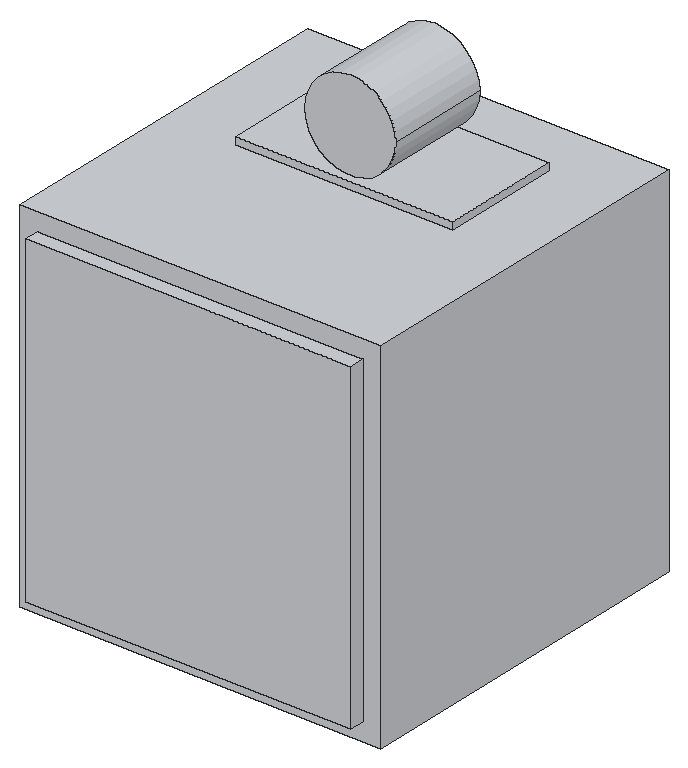
Revit family "M_Ventilador centrífugo - Em linha - Correia", category Equipamento mecânico, Revit 2019
Family settings
  Cota do conector redondo = Utilizar diâmetro
  Tipo de parte = Normal
  Com base no plano de trabalho = Não
  Sempre na vertical = Sim
  Corte com vazios quando carregada = Não
  Compartilhado = Não
  Ponto de cálculo do ambiente = Não
Parameters (values of type "2115 LPS")
  Voltagem = 460 V
  Raio do motor do símbolo = Largura do ventilador * 0.3  # 182.88 mm
  Comprimento do símbolo 1 = Raio do motor do símbolo * 0.2  # 36.576 mm
  Largura do suporte = Largura do ventilador * 0.6  # 365.76 mm
  Comprimento do suporte = Comprimento do ventilador / 3  # 203.2 mm
  Raio do motor de símbolo pequeno = Raio do motor do símbolo - 76.2 mm  # 106.68 mm
  Número de pólos = 3
  Classificação de carga = Refrigeração
  Assembly Code = ""
  Carga aparente [instance] = 627 VA
  Queda de pressão do ar [instance] = 149.3 Pa
  Altura do motor = Altura do ventilador + Raio do motor + 12.7 mm  # 698.5 mm
  Altura 1 = 469.9 mm
  Largura de meio suporte = Largura do suporte / 2  # 182.88 mm
  Comprimento de meio suporte = Comprimento do suporte / 2  # 101.6 mm
  Largura do meio ventilador = Largura do ventilador / 2  # 304.8 mm
  Comprimento do meio ventilador = Comprimento do ventilador / 2  # 304.8 mm
  Altura do meio ventilador = Altura do ventilador / 2  # 304.8 mm
  Raio do motor = Diâmetro do motor / 2  # 76.2 mm
  Largura do meio duto 2 = Largura do duto 2 / 2  # 275 mm
  Largura do meio duto 1 = Largura do duto 1 / 2  # 275 mm
  Altura do meio duto 2 = Altura do duto 2 / 2  # 275 mm
  Altura do meio duto 1 = Altura do duto 1 / 2  # 275 mm
  Largura do ventilador = 609.6 mm
  Material do ventilador = none
  Comprimento do ventilador = 609.6 mm
  Altura do ventilador = Largura do ventilador  # 609.6 mm
  Diâmetro do motor = Altura 1 - Altura do ventilador / 2 - 12.7 mm  # 152.4 mm
  Largura do duto 2 = 550 mm
  Largura do duto 1 = 550 mm
  Altura do duto 2 = Largura do duto 2  # 550 mm
  Altura do duto 1 = Largura do duto 1  # 550 mm
  Fluxo de ar [instance] = 2123.76 L/s
Types (6, lengths in mm): name | Raio do motor do símbolo | Comprimento do símbolo 1 | Largura do suporte | Comprimento do suporte | Raio do motor de símbolo pequeno | Carga aparente | Queda de pressão do ar | Altura do motor | Altura 1 | Largura de meio suporte | Comprimento de meio suporte | Largura do meio ventilador | Comprimento do meio ventilador | Altura do meio ventilador | Raio do motor | Largura do meio duto 2 | Largura do meio duto 1 | Altura do meio duto 2 | Altura do meio duto 1 | Largura do ventilador | Comprimento do ventilador | Altura do ventilador | Diâmetro do motor | Largura do duto 2 | Largura do duto 1 | Altura do duto 2 | Altura do duto 1 | Fluxo de ar
  705 LPS | 106.68 | 21.336 | 213.36 | 169.333 | 30.48 | 470 VA | 124.42 Pa | 419.1 | 292.1 | 106.68 | 84.667 | 177.8 | 254 | 177.8 | 50.8 | 150 | 150 | 150 | 150 | 355.6 | 508 | 355.6 | 101.6 | 300 | 300 | 300 | 300 | 707.92 L/s
  2115 LPS | 182.88 | 36.576 | 365.76 | 203.2 | 106.68 | 627 VA | 149.3 Pa | 698.5 | 469.9 | 182.88 | 101.6 | 304.8 | 304.8 | 304.8 | 76.2 | 275 | 275 | 275 | 275 | 609.6 | 609.6 | 609.6 | 152.4 | 550 | 550 | 550 | 550 | 2123.76 L/s
  3055 LPS | 228.6 | 45.72 | 457.2 | 270.933 | 152.4 | 940 VA | 199.07 Pa | 889 | 622.3 | 228.6 | 135.467 | 381 | 406.4 | 381 | 114.3 | 350 | 350 | 350 | 350 | 762 | 812.8 | 762 | 228.6 | 700 | 700 | 700 | 700 | 3067.66 L/s
  4465 LPS | 274.32 | 54.864 | 548.64 | 321.733 | 198.12 | 1254 VA | 248.84 Pa | 1079.5 | 774.7 | 274.32 | 160.867 | 457.2 | 482.6 | 457.2 | 152.4 | 425 | 425 | 425 | 425 | 914.4 | 965.2 | 914.4 | 304.8 | 850 | 850 | 850 | 850 | 4483.5 L/s
  7990 LPS | 365.76 | 73.152 | 731.52 | 355.6 | 289.56 | 3134 VA | 435.47 Pa | 1409.7 | 977.9 | 365.76 | 177.8 | 609.6 | 533.4 | 609.6 | 177.8 | 575 | 575 | 575 | 575 | 1219.2 | 1066.8 | 1219.2 | 355.6 | 1150 | 1150 | 1150 | 1150 | 8023.11 L/s
  8930 LPS | 426.72 | 85.344 | 853.44 | 406.4 | 350.52 | 4701 VA | 559.89 Pa | 1638.3 | 1130.3 | 426.72 | 203.2 | 711.2 | 609.6 | 711.2 | 203.2 | 625 | 625 | 625 | 625 | 1422.4 | 1219.2 | 1422.4 | 406.4 | 1250 | 1250 | 1250 | 1250 | 8967.0 L/s
Reference planes
  plane 1 "Centro (Frente/Trás)": y = 0
  plane 2: z = 0
  plane 3 "Centro (Esquerda/Direita)": x = 0
  plane 4: y = -609.6
  plane 5: y = 25.4
  plane 6: y = -635
  plane 7: y = -101.6
  plane 8: y = -304.8
  plane 9: y = -114.3
  plane 10: y = -292.1
  plane 11: x = 275
  plane 12: x = -275
  plane 13: x = -304.8
  plane 14: x = 304.8
  plane 15: x = -76.2
  plane 16: x = 76.2
  plane 17: x = 182.88
  plane 18: x = -182.88
  plane 19: z = 609.6
  plane 20: z = 304.8
  plane 21: z = 579.8
  plane 22: z = 29.8
  plane 23: z = 622.3
  plane 24: z = 774.7
  plane 25: y = -203.2
  plane 26: x = 182.88
  plane 27: y = -487.68
  plane 28: y = -524.256
  plane 29: y = -304.8
  plane 30: z = 698.5
  plane 31: x = -177.8
  plane 32: z = 579.8
  plane 33: z = 29.8
  plane 34: x = 275
  plane 35: x = -275
Forms (mm)
  Extrusion 1, solid, material <- "Material do ventilador"
    sketch origin (0, 0, 0) x (1, 0, 0) y (0, 1, 0)
      loop
        line (-304.8, 0) -> (-304.8, -609.6) -> (304.8, -609.6) -> (304.8, 0) -> (-304.8, 0)
    from 0 to 609.6
  Extrusion 2, solid, material <- "Material do ventilador"
    sketch origin (0, 0, 0) x (1, 0, 0) y (0, 1, 0)
      loop
        line (-182.88, -101.6) -> (-182.88, -304.8) -> (182.88, -304.8) -> (182.88, -101.6) -> (-182.88, -101.6)
    from 609.6 to 622.3
  Extrusion 3, solid, material <- "Material do ventilador"
    sketch origin (0, 0, 0) x (1, 0, 0) y (0, 0, 1)
      loop
        circle (0, 698.5) r 76.2
    from 114.3 to 292.1
  Extrusion 4, solid, material <- "Material do ventilador"
    sketch origin (0, 0, 0) x (1, 0, 0) y (0, 1, 0)
      loop
        line (-275, 25.4) -> (-275, 0) -> (275, 0) -> (275, 25.4) -> (-275, 25.4)
    from 29.8 to 579.8
  Extrusion 5, solid, material <- "Material do ventilador"
    sketch origin (0, 0, 0) x (1, 0, 0) y (0, 1, 0)
      loop
        line (-275, -609.6) -> (-275, -635) -> (275, -635) -> (275, -609.6) -> (-275, -609.6)
    from 29.8 to 579.8
Lines and regions (mm)
  symbolic lines, detail levels coarse+medium
    curve 1: arc (182.88, -304.8, 0) -> (-129.316, -175.484, 0) -> (0, -487.68, 0) r 182.88
    curve 2: line (0, -487.68, 0) -> (0, -524.256, 0)
    curve 3: circle (0, -304.8, 0) r 106.68 normal (0, 0, 1)
    curve 4: line (0, -524.256, 0) -> (182.88, -524.256, 0)
    curve 5: line (182.88, -524.256, 0) -> (182.88, -304.8, 0)
  symbolic lines, detail levels fine
    curve 6: line (-275, 25.4, 0) -> (-275, 0, 0)
    curve 7: line (275, 0, 0) -> (275, 25.4, 0)
    curve 8: line (275, -635, 0) -> (275, -609.6, 0)
    curve 9: line (-275, -609.6, 0) -> (-275, -635, 0)
    curve 10: line (-182.88, -101.6, 0) -> (182.88, -101.6, 0)
    curve 11: line (-182.88, -304.8, 0) -> (-182.88, -101.6, 0)
    curve 12: line (182.88, -304.8, 0) -> (-182.88, -304.8, 0)
    curve 13: line (182.88, -101.6, 0) -> (182.88, -304.8, 0)
    curve 14: line (-76.2, -114.3, 0) -> (76.2, -114.3, 0)
    curve 15: line (-76.2, -292.1, 0) -> (-76.2, -114.3, 0)
    curve 16: line (76.2, -292.1, 0) -> (-76.2, -292.1, 0)
    curve 17: line (76.2, -114.3, 0) -> (76.2, -292.1, 0)
Dimensions and locks
  "Comprimento do ventilador": plane 4 to plane 1 "Centro (Frente/Trás)"
  locked: plane 1 "Centro (Frente/Trás)" to plane 5 at 25.4
  locked: plane 4 to plane 6 at 25.4
  locked: plane 7 to plane 1 "Centro (Frente/Trás)" at 101.6
  "Comprimento do suporte": plane 8 to plane 7
  locked: plane 9 to plane 7 at 12.7
  locked: plane 8 to plane 10 at 12.7
  "Largura do meio duto 1": plane 12 to plane 3 "Centro (Esquerda/Direita)"
  "Largura do duto 1": plane 12 to plane 11
  "Largura do meio duto 1": plane 3 "Centro (Esquerda/Direita)" to plane 11
  "Largura do ventilador": plane 13 to plane 14
  "Largura do meio ventilador": plane 13 to plane 3 "Centro (Esquerda/Direita)"
  "Largura do meio ventilador": plane 3 "Centro (Esquerda/Direita)" to plane 14
  "Diâmetro do motor": plane 15 to plane 16
  "Raio do motor": plane 15 to plane 3 "Centro (Esquerda/Direita)"
  "Raio do motor": plane 3 "Centro (Esquerda/Direita)" to plane 16
  "Largura do suporte": plane 18 to plane 17
  "Largura de meio suporte": plane 18 to plane 3 "Centro (Esquerda/Direita)"
  "Largura de meio suporte": plane 3 "Centro (Esquerda/Direita)" to plane 17
  "Altura do ventilador": plane 19 to plane 2
  "Altura do duto 1": plane 21 to plane 22
  "Largura do meio ventilador": plane 20 to plane 2
  "Altura do meio duto 1": plane 22 to plane 20
  locked: plane 23 to plane 19 at 12.7
  "Altura 1": plane 24 to plane 20
  "Comprimento de meio suporte": plane 8 to plane 25
  "Raio do motor do símbolo": plane 3 "Centro (Esquerda/Direita)" to plane 26
  "Comprimento do símbolo 1": plane 27 to plane 28
  "Comprimento do meio ventilador": plane 29 to plane 1 "Centro (Frente/Trás)"
  "Raio do motor do símbolo": plane 27 to plane 29
  "Altura do motor": plane 30 to level
  "Altura do duto 2": plane 32 to plane 33
  "Largura do duto 2": plane 35 to plane 34
  "Largura do meio duto 2": plane 35 to plane 3 "Centro (Esquerda/Direita)"
  "Altura do meio duto 2": plane 32 to plane 20
  "Raio do motor do símbolo": radius of curve 1
  "Raio do motor de símbolo pequeno": radius of curve 3
  "Raio do motor": radius of Extrusion 3 sketch curve
  aligned and locked: Extrusion 1 to plane 1 "Centro (Frente/Trás)"
  aligned and locked: plane 14 to Extrusion 1
  aligned and locked: plane 4 to Extrusion 1
  aligned and locked: Extrusion 1 to plane 13
  aligned and locked: Extrusion 2 to plane 7
  aligned and locked: plane 17 to Extrusion 2
  aligned and locked: plane 8 to Extrusion 2
  aligned and locked: plane 18 to Extrusion 2
  aligned and locked: plane 19 to Extrusion 1
  aligned and locked: Extrusion 1 to plane 2
  aligned and locked: plane 1 "Centro (Frente/Trás)" to Extrusion 1
  aligned and locked: Extrusion 1 to plane 4
  aligned and locked: plane 19 to Extrusion 2
  aligned and locked: plane 23 to Extrusion 2
  aligned and locked: plane 29 to curve 1
  aligned and locked: plane 3 "Centro (Esquerda/Direita)" to curve 1
  aligned and locked: plane 29 to curve 3
  aligned and locked: plane 3 "Centro (Esquerda/Direita)" to curve 3
  aligned and locked: plane 26 to curve 5
  aligned and locked: plane 28 to curve 4
  aligned and locked: curve 2 to plane 3 "Centro (Esquerda/Direita)"
  aligned and locked: plane 29 to curve 5
  aligned and locked: plane 30 to Extrusion 3 sketch curve
  aligned and locked: plane 3 "Centro (Esquerda/Direita)" to Extrusion 3 sketch curve
  aligned and locked: Extrusion 3 to plane 9
  aligned and locked: plane 10 to Extrusion 3
  aligned and locked: Extrusion 4 to plane 5
  aligned and locked: plane 11 to Extrusion 4
  aligned and locked: plane 12 to Extrusion 4
  aligned and locked: plane 1 "Centro (Frente/Trás)" to Extrusion 4
  aligned and locked: plane 34 to Extrusion 5
  aligned and locked: Extrusion 5 to plane 6
  aligned and locked: plane 35 to Extrusion 5
  aligned and locked: plane 4 to Extrusion 5
  aligned and locked: plane 21 to Extrusion 4
  aligned and locked: plane 22 to Extrusion 4
  aligned and locked: plane 32 to Extrusion 5
  aligned and locked: Extrusion 5 to plane 33
  aligned and locked: curve 6 to Extrusion 4
  aligned and locked: curve 7 to Extrusion 4
  aligned and locked: curve 8 to Extrusion 5
  aligned and locked: curve 9 to Extrusion 5
  aligned and locked: curve 11 to plane 18
  aligned and locked: plane 7 to curve 10
  aligned and locked: curve 13 to plane 26
  aligned and locked: plane 15 to curve 15
  aligned and locked: plane 9 to curve 14
  aligned and locked: curve 17 to plane 16
  aligned and locked: curve 16 to plane 10
Automatic sketch dimensions
  Extrusion 1 sketch curve to plane 4 = 0 mm
  Extrusion 1 sketch curve to plane 13 = 0 mm
  Extrusion 1 sketch curve to plane 14 = 0 mm
  Extrusion 1 sketch curve to plane 1 "Centro (Frente/Trás)" = 0 mm
  Extrusion 2 sketch curve to plane 8 = 0 mm
  Extrusion 2 sketch curve to plane 18 = 0 mm
  Extrusion 2 sketch curve to plane 17 = 0 mm
  Extrusion 2 sketch curve to plane 7 = 0 mm
  Extrusion 4 sketch curve to plane 1 "Centro (Frente/Trás)" = 0 mm
  Extrusion 4 sketch curve to plane 12 = 0 mm
  Extrusion 4 sketch curve to plane 11 = 0 mm
  Extrusion 4 sketch curve to plane 5 = 0 mm
  Extrusion 5 sketch curve to plane 6 = 0 mm
  Extrusion 5 sketch curve to plane 35 = 0 mm
  Extrusion 5 sketch curve to plane 34 = 0 mm
  Extrusion 5 sketch curve to plane 4 = 0 mm
  curve 9 to plane 6 = 0 mm
  curve 8 to plane 6 = 0 mm
  curve 8 to plane 4 = 0 mm
  curve 9 to plane 4 = 0 mm
  plane 1 "Centro (Frente/Trás)" to curve 6 = 0 mm
  plane 1 "Centro (Frente/Trás)" to curve 7 = 0 mm
  plane 5 to curve 7 = 0 mm
  plane 5 to curve 6 = 0 mm
Connectors
  hvac at (0, 25.4, 304.8), driven by "Altura do duto 1", driven by "Largura do duto 1", driven by "Fluxo de ar"
    settings: on Extrusion 4, index 1, duct flow 2123.76 L/s, flow factor 0, pres drop 0.0 Pa, loss coef 0, conn angle 0.00°, conn width 550 mm, conn height 550 mm, conn diameter 609.6 mm, duct sys type 29, conn prof type 1, flow config 0, flow direction 2, loss method 0, conn ref index 2, conn util no, is conn primary yes, conn desc ""
  hvac at (0, -635, 304.8), driven by "Queda de pressão do ar", driven by "Altura do duto 2", driven by "Largura do duto 2", driven by "Fluxo de ar"
    settings: on Extrusion 5, index 2, duct flow 2123.76 L/s, flow factor 0, pres drop 149.3 Pa, loss coef 0, conn angle 0.00°, conn width 550 mm, conn height 550 mm, conn diameter 609.6 mm, duct sys type 29, conn prof type 1, flow config 0, flow direction 1, loss method 0, conn ref index 1, conn util no, is conn primary no, conn desc ""
  electrical at (0, -114.3, 698.5), driven by "Número de pólos", driven by "Voltagem", driven by "Carga aparente", driven by "Classificação de carga"
    settings: on Extrusion 3, index 3, voltage 460 V, apparent load 627 VA, apparent load phase1 0 VA, apparent load phase2 0 VA, apparent load phase3 0 VA, power factor 1, load classification "Refrigeração", number of poles 3, system type 30, power factor state 1, is connector primary yes, connector utility no, sub classification motor no, connector description ""
